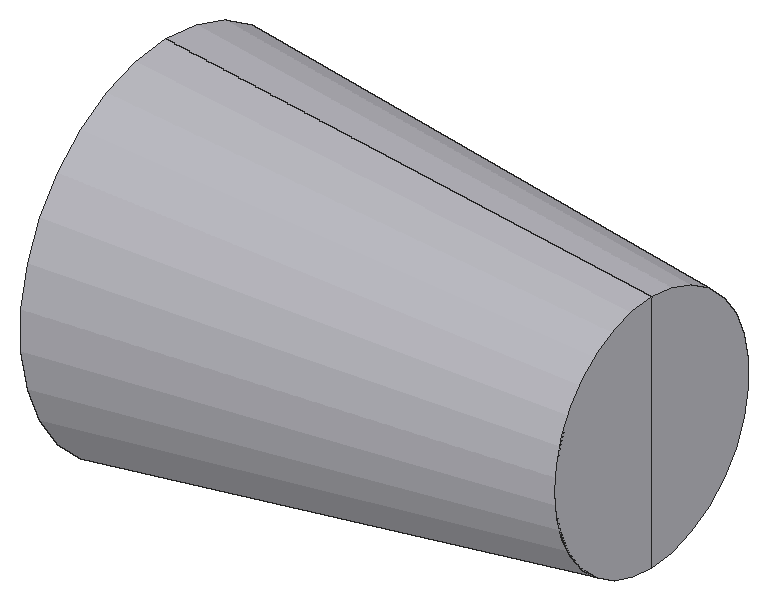
Revit family "31W Buttweld Concentric Reducer-304", category Pipe Accessories, Revit 2018
Family settings
  Round Connector Dimension = Use Diameter
  Part Type = Normal
  Work Plane-Based = No
  Always vertical = Yes
  Cut with Voids When Loaded = No
  Shared = No
Parameters (values of type "31W Buttweld Concentric Reducer-316L")
  reduced pipe radius [instance] = reduced pipe diameter / 2  # 0.500"
  reduced pipe diameter [instance] = 1.000"
  pipe radius [instance] = Nominal Diameter / 2  # 0.750"
  Weight [instance] = size_lookup(LookupTable, "Weight", "NA", Reduced Code)  # "0.132 lbs."
  URL = "http://www.fnw.com"
  Standards Lookup Table = "Standards"  # constant formula
  Reduced Code [instance] = Nominal 1 Code + reduced pipe diameter  # 301.000"
  Product ID [instance] = size_lookup(LookupTable, "ProductID", "NA", Reduced Code)  # "4831220"
  Part Number [instance] = size_lookup(LookupTable, "PartNumber", "NA", Reduced Code)  # "G31W74JG"
  Nominal Diameter [instance] = 1 1/2"
  Nominal 1 Code [instance] = if(Nominal Diameter = 0.750", 100.000", if(Nominal Diameter = 1.000", 200.000", if(Nominal Diameter = 1.500", 300.000", if(Nominal Diameter = 2.000", 400.000", if(Nominal Diameter = 2.500", 500.000", if(Nominal Diameter = 3.000", 600.000", if(Nominal Diameter = 4.000", 700.000", if(Nominal Diameter = 6.000", 800.000", 0.000"))))))))  # 300.000"
  LookupTable = "31W Buttweld Concentric Reducer"  # constant formula
  Description BOM [instance] = size_lookup(LookupTable, "Description_BOM", "NA", Reduced Code)  # "1-1/2X1 304 BW CONC RED #7"
  A [instance] = size_lookup(LookupTable, "A", 4.000", Reduced Code)  # 2.000"
Reference planes (in)
  plane 1 "Center (Front/Back)": y = 0
  plane 2: z = 0
  plane 3 "Center (Left/Right)": x = 0
  plane 4: z = 0.75
  plane 5: x = -1
  plane 6: x = 1
  plane 7: z = 0.5
Forms (in)
  Revolve 1, solid, material "Steel, Stainless"
    sketch origin (0, 0, 0) x (1, 0, 0) y (0, 0, 1)
      loop
        line (1, 0) -> (1, 0.5) -> (-1, 0.75) -> (-1, 0) -> (1, 0)
      axis (1, 0) -> (-1, 0)
    angle from 0 to 360
Text (in)
  text "3/4 x 1/2 shown" at (4.29491, 0, -3.03998), in view "Front"
Dimensions and locks (in)
  equal spacing: plane 6, plane 3 "Center (Left/Right)", plane 5
  "A": plane 6 to plane 5
  "pipe radius": plane 4 to plane 2
  "reduced pipe radius": plane 7 to plane 2
  aligned and locked: plane 2 to level
  aligned and locked: Revolve 1 sketch curve to plane 6
  aligned and locked: Revolve 1 sketch curve to plane 5
  aligned and locked: plane 7 to Revolve 1 sketch curve
  aligned and locked: plane 4 to Revolve 1 sketch curve
Automatic sketch dimensions
  Revolve 1 sketch curve to level = 0.000"  (x2)
  Revolve 1 sketch curve to plane 5 = 0.66275"
  Revolve 1 sketch curve to plane 3 "Center (Left/Right)" = 0.4605"
Connectors (in)
  piping at (-1, 0, 0), diameter 1.5, driven by "Nominal Diameter"
    settings: on Revolve 1, index 1, connector inside diameter 24", connector length 0.000", flow factor 0, pipe flow 0 GPM, pressure drop 0.00 psi, fitting loss kfactor 0, connector angle 0.00°, fixture units 0, engagement length 0.000", angle of deflection 0.00°, flow configuration 0, flow direction 0, fitting loss method 0, system type 7, joint type 0, gender type 0, connector reference index -1, connector utility 0, adjustable connector no, is connector primary yes, connector description ""
  piping at (1, 0, 0), diameter 1, driven by "reduced pipe diameter"
    settings: on Revolve 1, index 2, connector inside diameter 24", connector length 0.000", flow factor 0, pipe flow 0 GPM, pressure drop 0.00 psi, fitting loss kfactor 0, connector angle 0.00°, fixture units 0, engagement length 0.000", angle of deflection 0.00°, flow configuration 0, flow direction 0, fitting loss method 0, system type 16, joint type 0, gender type 0, connector reference index -1, connector utility 0, adjustable connector no, is connector primary no, connector description ""
